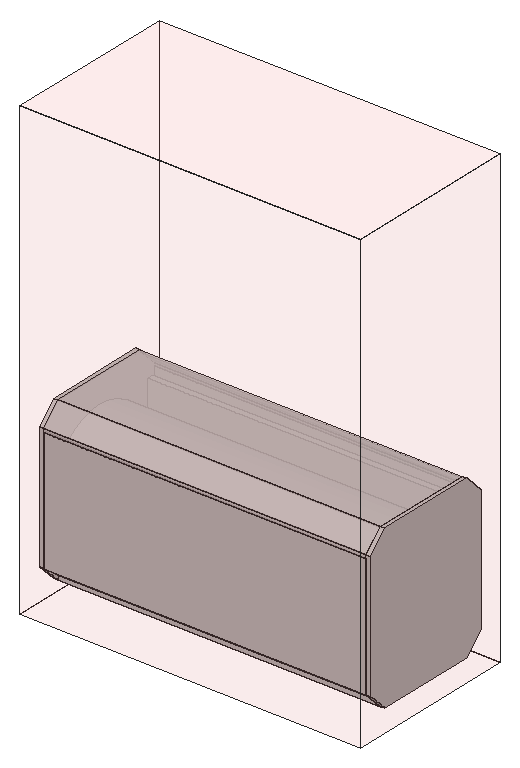
Revit family "Air-Curtain_Specialty_PoweredAire_LDX-Hazardous", category Mechanical Equipment, host Face, Revit 2023
Family settings
  Host = Face
  Round Connector Dimension = Use Diameter
  Part Type = Normal
  OmniClass Number = 23.75.35.17.21
  OmniClass Title = Air Curtains
  Cut with Voids When Loaded = No
  Maintain Annotation Orientation = No
  Shared = No
  Room Calculation Point = No
Parameters
  Warranty Duration (Years) = 0
  Unit Width Notes = "Other Widths available."  # constant formula
  Unit Width = 3' - 0"
  Unit Weight = 0
  Unit Height = 1' - 3"
  Unit Depth = 1' - 5 1/2"
  URL = "http://www.poweredaire.com/"
  Test Data = ""
  Standards Conformance = "as Specified"
  Specification = "http://www.arcat.com/sdspecs/htm04/23_34_33pai.htm"
  SpecWizard = ""
  Sound Pressure = "as Specified"
  Sales Information = "http://www.poweredaire.com/contact_us"
  Revision = "R1_2016-08"
  Projection from Host [instance] = 0' - 2"
  Product Properties = ""
  Product Data = "http://www.arcat.com/arcatcos/cos47/arc47623.html"
  Power Rating = 0 W
  Nozzle Width = if(1 = 1, Unit Width - 0' 1", 0' 0")  # 2' - 11"
  Mounting Width = if(1 = 1, Unit Width - 0' 0 15/16", 0' 0")  # 2' - 11 1/16"
  Mounting Height [instance] = 3' - 6"
  Motor RPM = 0
  Motor HP = 0
  Motor Count = 0
  Model = "As Specified"
  Max Height = 0' - 0"
  Manufacturer Website = "http://www.poweredaire.com/"
  Manufacturer Phone - Toll Free = "888-321-2473"
  Manufacturer Phone = "724-588-3305"
  Manufacturer Fax = "724-588-3371"
  Manufacturer Address = "109 Mortensen Rd.  Greenville, PA 16125"
  Manufacturer = "Powered Aire, Inc"
  Maintenance Schedule (Months) = 0
  Keynote = "23 34 33"
  Installation-Fabrication = ""
  Installation Phase = ""
  Include Clearance [instance] = yes
  Heating Element Load = 0 W
  HVAC_Temperature Rise = 0 °F
  HVAC_Outlet Volume = 0 CFM
  HVAC_Outlet Velocity Uniformity = 0
  HVAC_Outlet Velocity = 0 FPM
  Green Building-LEED = "http://www.arcat.com/green/clients/leed_data_47623.html"
  Front Grating Material [instance] = Metal - Steel - PoweredAire - Stainless 304 Perforated
  Frame Finish [instance] = Metal - Steel - PoweredAire - Stainless 304
  Expected Lifespan (Years) = 0
  Electrical_Wattage [instance] = Power Rating + Heating Element Load  # 0 W
  Electrical_Voltage [instance] = 0 V
  Electrical_Phase [instance] = 1
  Electrical_Frequency [instance] = 0 Hz
  Electrical_Amperage [instance] = 0 A
  Drawn By = "Sumex Design, Inc. / Robert S. Weygant, CSI, CDT, SCIP"
  Description = "Powered Aire Air Curtain as Specified"
  Default Elevation = 0' - 0"  # constant formula
  Copyright = "©Arcat Inc."
  Construction Details = "http://www.arcat.com/details/powair/prod3336.html"
  Clearance_Top [instance] = 0' - 2"
  Clearance_Side B [instance] = 0' - 0 1/2"
  Clearance_Side A [instance] = 0' - 0 1/2"
  Clearance_Intake [instance] = 2' - 6"
  Clearance_Bottom [instance] = 0' - 2"
  Clearance Material [instance] = ARCAT Clearance
  Building Codes = ""
  Available Options [instance] = "as Specified"
  Assembly Code = "D3090400"
Reference planes (in)
  plane 1 "Center (Elevation)": y = 0.13818
  plane 2: z = 0
  plane 3 "Center (Left/Right)": x = 0
  plane 4: y = 7.63818
  plane 5: y = -7.36182
  plane 6: x = -18
  plane 7: x = 18
  plane 8: z = 19.5
  plane 9 "FF": y = -41.86182
  plane 10: z = 2
  plane 11: x = 17.5
  plane 12: x = -17.5
  plane 13: y = 9.63818
  plane 14: y = -9.36182
  plane 15: x = -18.5
  plane 16: x = 18.5
  plane 17: z = 49.5
Forms (in)
  Extrusion 1, solid, material "Metal - Steel - PoweredAire - Stainless 304" <- "Frame Finish"
    sketch origin (0, 0, 0) x (0, 1, 0) y (0, 0, 1)
      loop
        line (5.69363, 2) -> (7.63818, 3.94454) -> (7.63818, 17.55546) -> (5.69363, 19.5) -> (-5.41728, 19.5) -> (-7.36182, 17.55546) -> (-7.36182, 3.94454) -> (-5.41728, 2) -> (5.69363, 2)
    from 17.5 to 18
  Extrusion 2, solid, material "Metal - Steel - PoweredAire - Stainless 304" <- "Frame Finish"
    sketch origin (0, 0, -0.5) x (0, 1, 0) y (0, 0, 1)
      loop
        circle (0.13818, 10.9739) r 6.25
      loop
        line (6.63818, 16.89427) -> (6.63818, 5.87829) -> (7.33849, 5.87829) -> (7.33849, 16.89427) -> (6.63818, 16.89427)
      loop
        line (-7.02798, 16.76927) -> (-7.02798, 5.75329) -> (-6.36182, 5.75329) -> (-6.36182, 16.76927) -> (-7.02798, 16.76927)
    from -17.5 to 17.5
  Extrusion 3, solid, material "Metal - Steel - PoweredAire - Stainless 304" <- "Frame Finish"
    sketch origin (0, 0, 0) x (0, 1, 0) y (0, 0, -1)
      loop
        line (5.69363, -2) -> (-5.41728, -2) -> (-7.36182, -3.94454) -> (-7.36182, -17.55546) -> (-5.41728, -19.5) -> (5.69363, -19.5) -> (7.63818, -17.55546) -> (7.63818, -3.94454) -> (5.69363, -2)
    from 17.5 to 18
  Extrusion 4, solid, material "Metal - Steel - PoweredAire - Stainless 304" <- "Frame Finish"
    sketch origin (0, 0, 0) x (0, 1, 0) y (0, 0, 1)
      loop
        line (-5.41728, 2) -> (5.69363, 2) -> (7.63818, 3.94454) -> (7.63818, 17.19454) -> (7.51318, 17.19454) -> (7.51318, 3.99632) -> (5.64186, 2.125) -> (-5.29228, 2.125) -> (-5.29228, 4.06954) -> (-7.23682, 4.06954) -> (-7.23682, 17.19454) -> (-7.36182, 17.19454) -> (-7.36182, 3.94454) -> (-5.41728, 3.94454) -> (-5.41728, 2)
      loop
        line (-6.64819, 3.61034) -> (-5.8702, 2.83235) -> (-5.74472, 2.95783) -> (-6.52271, 3.73583) -> (-6.64819, 3.61034)
    from -17.5 to 17.5
  Extrusion 5, solid, material "Metal - Steel - PoweredAire - Stainless 304 Perforated" <- "Front Grating Material"
    sketch origin (0, 0, 0) x (0, 1, 0) y (0, 0, 1)
      loop
        line (-7.36182, 17.19454) -> (-7.23682, 17.19454) -> (-7.23682, 17.50368) -> (-5.3655, 19.375) -> (5.64186, 19.375) -> (7.51318, 17.50368) -> (7.51318, 17.19454) -> (7.63818, 17.19454) -> (7.63818, 17.55546) -> (5.69363, 19.5) -> (-5.41728, 19.5) -> (-7.36182, 17.55546) -> (-7.36182, 17.19454)
    from -17.5 to 17.5
  Extrusion 6, solid, material "ARCAT Clearance" <- "Clearance Material", visible <- "Include Clearance"
    sketch origin (0, 0, 0) x (0, 1, 0) y (0, 0, 1)
      loop
        line (-9.36182, 49.5) -> (-9.36182, 0) -> (9.63818, 0) -> (9.63818, 49.5) -> (-9.36182, 49.5)
    from -18.5 to 18.5
Dimensions and locks (in)
  equal spacing: plane 4, plane 1 "Center (Elevation)", plane 5
  "Unit Height": plane 4 to plane 5
  equal spacing: plane 6, plane 3 "Center (Left/Right)", plane 7
  "Unit Width": plane 6 to plane 7
  "Mounting Height": plane 1 "Center (Elevation)" to plane 9 "FF"
  "Projection from Host": plane 10 to level
  "Unit Depth": plane 8 to plane 10
  locked: plane 6 to plane 12 at 0.5
  locked: plane 11 to plane 7 at 0.5
  "Clearance_Side A": plane 7 to plane 16
  "Clearance_Side B": plane 15 to plane 6
  "Clearance_Top": plane 13 to plane 4
  "Clearance_Bottom": plane 5 to plane 14
  "Clearance_Intake": plane 17 to plane 8
  aligned and locked: plane 2 to host face
  aligned and locked: level to host face
  aligned and locked: plane 7 to Extrusion 1
  aligned and locked: Extrusion 1 to plane 11
  aligned and locked: plane 12 to Extrusion 3
  aligned and locked: Extrusion 3 to plane 6
  aligned and locked: Extrusion 2 to plane 12
  aligned and locked: plane 11 to Extrusion 2
  aligned and locked: plane 11 to Extrusion 4
  aligned and locked: Extrusion 4 to plane 12
  aligned and locked: plane 11 to Extrusion 5
  aligned and locked: Extrusion 5 to plane 12
  aligned and locked: Extrusion 6 sketch curve to plane 17
  aligned and locked: plane 14 to Extrusion 6 sketch curve
  aligned and locked: level to Extrusion 6 sketch curve
  aligned and locked: Extrusion 6 sketch curve to plane 13
  aligned and locked: plane 16 to Extrusion 6
  aligned and locked: Extrusion 6 to plane 15
Automatic sketch dimensions
  host sketch curve to host sketch curve = 8' - 0"  (x2)
  Extrusion 1 sketch curve to plane 5 = 0' - 0"
  Extrusion 1 sketch curve to plane 8 = 0' - 0"
  Extrusion 1 sketch curve to plane 10 = 0' - 0"
  Extrusion 1 sketch curve to plane 4 = 0' - 0"
  plane 5 to Extrusion 1 sketch curve = 0' - 1.94454"  (x2)
  Extrusion 1 sketch curve to plane 4 = 0' - 1.94454"  (x2)
  plane 10 to Extrusion 1 sketch curve = 0' - 1.94454"  (x2)
  Extrusion 1 sketch curve to plane 8 = 0' - 1.94454"  (x2)
  Extrusion 2 sketch curve to plane 1 "Center (Elevation)" = 0' - 0"
  plane 5 to Extrusion 2 sketch curve = 0' - 1"
  plane 5 to Extrusion 2 sketch curve = 0' - 0.33384"
  Extrusion 2 sketch curve to plane 4 = 0' - 1"
  Extrusion 2 sketch curve to plane 4 = 0' - 0.29969"
  plane 10 to Extrusion 2 sketch curve = 0' - 3.37829"
  plane 10 to Extrusion 2 sketch curve = 0' - 3.25329"
  Extrusion 2 sketch curve to plane 8 = 0' - 9.0261"
  Extrusion 2 sketch curve to plane 8 = 0' - 3.23073"
  Extrusion 2 sketch curve to plane 8 = 0' - 3.10573"
  Extrusion 3 sketch curve to plane 5 = 0' - 0"
  Extrusion 3 sketch curve to plane 8 = 0' - 0"
  Extrusion 3 sketch curve to plane 10 = 0' - 0"
  Extrusion 3 sketch curve to plane 4 = 0' - 0"
  plane 5 to Extrusion 3 sketch curve = 0' - 1.94454"  (x2)
  Extrusion 3 sketch curve to plane 4 = 0' - 1.94454"  (x2)
  Extrusion 3 sketch curve to plane 8 = 0' - 1.94454"  (x2)
  plane 10 to Extrusion 3 sketch curve = 0' - 1.94454"  (x2)
  Extrusion 4 sketch curve to plane 5 = 0' - 0"
  Extrusion 4 sketch curve to plane 10 = 0' - 0"
  Extrusion 4 sketch curve to plane 4 = 0' - 0"
  plane 5 to Extrusion 4 sketch curve = 0' - 0 1/8"
  plane 5 to Extrusion 4 sketch curve = 0' - 0.71363"
  Extrusion 4 sketch curve to Extrusion 4 sketch curve = 0' - 0.12548"  (x2)
  Extrusion 4 sketch curve to Extrusion 4 sketch curve = 0' - 0.778"
  Extrusion 4 sketch curve to Extrusion 4 sketch curve = 0' - 0.32744"
  Extrusion 4 sketch curve to Extrusion 4 sketch curve = 0' - 0 1/8"  (x2)
  plane 10 to Extrusion 4 sketch curve = 0' - 0 1/8"
  Extrusion 4 sketch curve to plane 4 = 0' - 1.99632"
  Extrusion 4 sketch curve to Extrusion 4 sketch curve = 0' - 0.05178"  (x2)
  plane 10 to Extrusion 4 sketch curve = 0' - 0.83235"
  plane 10 to Extrusion 4 sketch curve = 0' - 1.94454"
  Extrusion 4 sketch curve to Extrusion 4 sketch curve = 0' - 0.3342"
  Extrusion 4 sketch curve to plane 4 = 0' - 0 1/8"
  Extrusion 4 sketch curve to plane 8 = 0' - 2.30546"  (x2)
  Extrusion 5 sketch curve to plane 5 = 0' - 0"
  Extrusion 5 sketch curve to plane 8 = 0' - 0"
  Extrusion 5 sketch curve to plane 4 = 0' - 0"
  plane 5 to Extrusion 5 sketch curve = 0' - 0 1/8"
  plane 5 to Extrusion 5 sketch curve = 0' - 1.94454"
  Extrusion 5 sketch curve to plane 8 = 0' - 0 1/8"
  Extrusion 5 sketch curve to Extrusion 5 sketch curve = 0' - 0.05178"  (x4)
  Extrusion 5 sketch curve to plane 4 = 0' - 1.99632"
  Extrusion 5 sketch curve to plane 8 = 0' - 1.94454"  (x2)
  Extrusion 5 sketch curve to Extrusion 5 sketch curve = 0' - 0 1/8"
  Extrusion 5 sketch curve to Extrusion 5 sketch curve = 0' - 0.30914"  (x2)
  radius of Extrusion 2 sketch curve = 0' - 6 1/4"
Connectors (in)
  electrical at (0, 7.63818, 10.56954), driven by "Electrical_Phase", driven by "Electrical_Voltage"
    settings: on Extrusion 4, index 1, voltage 0 V, apparent load 0 VA, apparent load phase1 0 VA, apparent load phase2 0 VA, apparent load phase3 0 VA, power factor 1, load classification "Motor", number of poles 1, system type 31, power factor state 1, is connector primary yes, connector utility no, sub classification motor no, connector description ""
